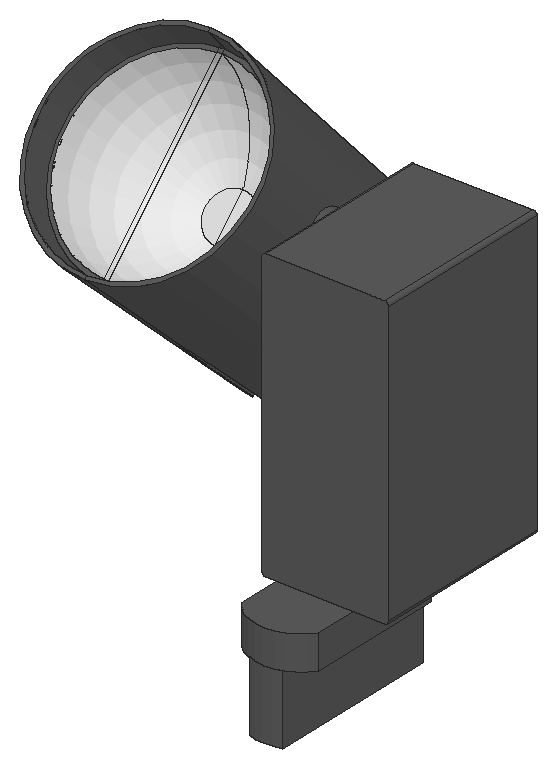
Revit family "0004896 Feilo Sylvania Lighting Fixture START TRACK SPOT S 14W 4K RA90 MB BLACK", category Lighting Fixtures, host Face, Revit 2017
Family settings
  Host = Face
  Round Connector Dimension = Use Diameter
  Part Type = Normal
  OmniClass Number = 23.80.70.00
  OmniClass Title = Lighting
  Cut with Voids When Loaded = No
  Light Source = No
  Shared = No
  Room Calculation Point = No
Parameters (values of type "0004896 START TRACK SPOT S 14W 4K RA90 MB BLACK")
  Weight = "0.94 kg"
  Wattage Comments = ""
  WarrantyStartDate [instance] = "n/a"
  WarrantyGuarantorParts = "n/a"
  WarrantyDurationUnit = "n/a"
  WarrantyDurationParts = "n/a"
  WarrantyDescription = "n/a"
  Voltage = 230 V
  URL = "http://www.sylvania-lighting.com"
  TypeName = "START TRACK SPOT S 14W 4K RA90 MB BLACK"
  TypeHead_FEILO = Start Track Spot Head : 0004896 START TRACK SPOT S 14W 4K RA90 MB BLACK
  TypeBox_FEILO = Start Track Spot Box : Type Small Black
  Type Image = <None>
  Type Comments = "n/a"
  VerticalRotation_FEILO [instance] = 0.00°
  SlideEndAngle_FEILO [instance] = VerticalRotation_FEILO + 180.00°  # 180.00°
  SerialNumber [instance] = "n/a"
  Material_3_FEILO = none
  PowerFactor = 0.92
  PowerConsumption = "14 W"
  NominalLength = 0 mm
  NominalHeight = 200 mm
  NominalDepth = 140 mm
  Name = "START TRACK SPOT S 14W 4K RA90 MB BLACK"
  ModelReference = Name  # "START TRACK SPOT S 14W 4K RA90 MB BLACK"
  ModelNumber = "0004896"
  Model = Name  # "START TRACK SPOT S 14W 4K RA90 MB BLACK"
  Material = "adc12 aluminium housing, polycarbonate diffuser"
  ManufacturerName = "Feilo Sylvania"
  Manufacturer = "Feilo Sylvania"
  LuminousEfficacy = "97 lm/W"
  LuminaireType = ""
  LightOutputRatio = "100"
  LampsType = Lamp  # "LED"
  LampNominalLuminous = "1359 lm"
  LampMacAdamStep = "3"
  LampColourTemperature = "4000 K"
  LampColourRenderingIndex = "90"
  Lamp = "LED"
  Keynote = "16500"
  InstallationDate [instance] = "n/a"
  InputVoltage = "230-240V~"
  InputNominalFrequency = "50/60 Hz"
  IngressProtection = "IP20"
  ImpactProtectionIndex = "IK02"
  IfcExportType = "IfcLightFixtureType"
  IfcExportAs = "IfcLightFixtureType"
  HorizontalRotation_FEILO [instance] = 45.00°
  ExpectedLife = 50000
  ElectricShockClassification = "Class II"
  DurationUnit = "hours"
  DocumentationLiterature = "http://www.sylvania-lighting.com/product/en-int/products/0004896"
  DimmingControlOptions = "Non dimmable"
  Material_2_FEILO = none
  Description = "Integrated LED spotlight, Textured Black - RAL9005, compact and minimalist design, ideal for retail applications, die-cast aluminium body, passive cooling heatsink. Beam angle: 36°, color temperature: 4000K , total system power: 14W, total fixture output: 1359 lm, LOR: 100%, colour rendering: Ra: 90 typical, LED Chromaticity: 3 step MacAdam ellipse, lifetime: >50000 hours at L70B50, energy class: A++, A+, A, IR/UV free light source without heat radiation, operating voltage: 220-240V / 50-60Hz, drive current: 350mA, electronic driver, non-dimmable, power factor: 0.92, electrical protection: Class II, Global Track 3 Phase adapter suitable for Global trac 3-circuit tracks, ingress protection rating: IP20, suitable for internal environment only, horizontal rotation: 355°, vertical tilt: 90°, dimensions: Ø86x140x200, weight: 0.940kg."
  Default Elevation = 1219.2 mm
  CreatedOn = "12/12/2017"
  CreatedBy = ""
  Cost = 0
  built-in parameter 1114216 [instance] = (empty or 0)
  ClassificationValue = "EF_70_80"
  ClassificationName = "Uniclass2015"
  Material_1_FEILO = Body-Sylvania-StartTrackSpot-Black
  BarCode [instance] = "n/a"
  AssetType = "Fixed"
  AssetIdentifier [instance] = "n/a"
  Assembly Code = "D5020200"
  Apparent Load = 14 VA
  Material_4_FEILO = none
Reference planes
  plane 1 "Center (Front/Back)": y = 0
  plane 2: z = 0
  plane 3 "Center (Left/Right)": x = 0
  plane 4: x = 15
  plane 5: x = -15
  plane 6: y = 35
  plane 7: y = -35
  plane 8: z = 13
  plane 9: z = -27
  plane 10: x = 6.5
  plane 11: x = -6.5
  plane 12: y = 27
  plane 13: y = -27
  plane 14: y = 20
Forms (mm)
  Extrusion 1, solid, material "Body-Sylvania-StartTrackSpot-Black" <- "Material_1_FEILO"
    sketch origin (0, 0, 0) x (1, 0, 0) y (0, 1, 0)
      loop
        line (-15, 27) -> (-15, -27)
        arc (-15, -27) -> (0, -35) -> (15, -27) r 18.062
        line (15, -27) -> (15, 27)
        arc (15, 27) -> (0, 35) -> (-15, 27) r 18.062
    from 0 to 13
  Extrusion 2, solid, material "Body-Sylvania-StartTrackSpot-Black" <- "Material_1_FEILO"
    sketch origin (0, 0, 0) x (1, 0, 0) y (0, 1, 0)
      loop
        arc (6.5, 33.79) -> (0, 35) -> (-6.5, 33.79) r 18.062
        line (-6.5, 33.79) -> (-6.5, -33.79)
        arc (-6.5, -33.79) -> (0, -35) -> (6.5, -33.79) r 18.062
        line (6.5, -33.79) -> (6.5, 33.79)
    from 0 to -27
  Revolve 3, solid, not visible
    sketch origin (1524, 20, 1219.2) x (1, 0, 0) y (0, 0, 1)
      loop
        line (-1524, -1206.2) -> (-1524, -1191.285) -> (-1530.5, -1191.285) -> (-1530.5, -1206.2) -> (-1524, -1206.2)
      axis (-1524, -1191.285) -> (-1524, -1206.2)
    angle from 0 <- "VerticalRotation_FEILO" to 180 <- "SlideEndAngle_FEILO"
Cuts and joins
  joined: Extrusion 1, Extrusion 2
Dimensions and locks
  equal spacing: plane 10, plane 3 "Center (Left/Right)", plane 11
  equal spacing: plane 4, plane 3 "Center (Left/Right)", plane 5
  locked: plane 8 to plane 2 at 13
  locked: plane 8 to plane 9 at 40
  equal spacing: plane 13, plane 1 "Center (Front/Back)", plane 12
  locked: plane 12 to plane 6 at 8
  locked: plane 14 to plane 6 at 15
  locked: Revolve 3 sketch curve to plane 8 at 14.915
  aligned and locked: plane 2 to host face
  aligned and locked: level to host face
  aligned and locked: plane 5 to Extrusion 1 sketch curve  (x2)
  aligned and locked: plane 12 to Extrusion 1 sketch curve
  aligned and locked: plane 13 to Extrusion 1 sketch curve
  aligned and locked: plane 4 to Extrusion 1 sketch curve
  aligned and locked: Extrusion 1 to plane 8
  aligned and locked: Extrusion 1 to level
  aligned and locked: Extrusion 2 sketch curve to Extrusion 1  (x2)
  aligned and locked: Extrusion 2 sketch curve to plane 11
  aligned and locked: plane 10 to Extrusion 2 sketch curve
  aligned and locked: plane 9 to Extrusion 2
  aligned and locked: level to Extrusion 2
  aligned and locked: Revolve 3 sketch curve to plane 3 "Center (Left/Right)"  (x2)
  aligned and locked: plane 11 to Revolve 3 sketch curve
  aligned and locked: Revolve 3 sketch curve to plane 8
Automatic sketch dimensions
  host sketch curve to host sketch curve = 2438.4 mm  (x2)
  Extrusion 1 sketch curve to plane 3 "Center (Left/Right)" = 0 mm  (x2)
  Extrusion 1 sketch curve to plane 13 = 10.062 mm
  plane 12 to Extrusion 1 sketch curve = 10.062 mm
  Revolve 3 sketch curve to plane 3 "Center (Left/Right)" = 0 mm
  plane 9 to Revolve 3 sketch curve = 582.6 mm
  Revolve 3 sketch curve to Revolve 3 sketch curve = 2581.144 mm
Nested families
  nested 1: "Start Track Spot Head" at (-62, 20, 112.529) x (0, 0.7071, 0.7071) z (0, 0.7071, -0.7071), type <- "TypeHead_FEILO", type "0004896 START TRACK SPOT S 14W 4K RA90 MB BLACK"
    with built-in parameter 1114216 (empty or 0)
  nested 2: "Start Track Spot Box" at (8.5, 20, 73) x (-1, 0, 0) z (0, -1, 0), BoxStartAngle_FEILO <- "HorizontalRotation_FEILO", type <- "TypeBox_FEILO", type "Type Small Black"
    with BoxStartAngle_FEILO 45.00°, BoxEndAngle_FEILO -135.00°
Connectors
  electrical at (0, 0, 0), driven by "Apparent Load", driven by "PowerFactor", driven by "Voltage"
    settings: index 1, voltage 230 V, apparent load 14 VA, apparent load phase1 0 VA, apparent load phase2 0 VA, apparent load phase3 0 VA, power factor 0.92, load classification "Lighting", number of poles 1, system type 30, power factor state 1, is connector primary yes, connector utility no, sub classification motor no, connector description ""
Definition of nested family "Start Track Spot Head"
  Parameters (values of type "0004811 START TRACK SPOT S 14W 3K RA80 NB WHITE")
    Wattage Comments = "n/a"
    Wattage = 14 W
    built-in parameter 1150110 = 1 (stored number, unit not read)
    URL = "http://www.feilosylvania.com"
    Type Image = (empty or 0)
    Type Comments = "n/a"
    built-in parameter 1114217 = 1 (stored number, unit not read)
    Tilt Angle = -90.00°
    built-in parameter 1150109 = 1 (stored number, unit not read)
    built-in parameter 1150134 = (empty or 0)
    built-in parameter 1150113 = 1 (stored number, unit not read)
    Photometric Web File = "0004811.ies"
    Material_3_FEILO = none
    Model = "START TRACK SPOT S 14W 3K RA80 NB WHITE"
    Manufacturer = "Feilo Sylvania"
    built-in parameter 1150105 = 123.66 (stored number, unit not read)
    Lumens = 1554 lm
    built-in parameter 1150115 = 1 (stored number, unit not read)
    built-in parameter 1150137 = (empty or 0)
    built-in parameter 1150139 = (empty or 0)
    built-in parameter 1150112 = 1 (stored number, unit not read)
    built-in parameter 1150114 = 1 (stored number, unit not read)
    Lamp = "LED"
    Keynote = "16500"
    Material_2_FEILO = none
    built-in parameter 1150132 = (empty or 0)
    built-in parameter 1150102 = (empty or 0)
    built-in parameter 1150107 = 3000 (stored number, unit not read)
    built-in parameter 1150138 = (empty or 0)
    built-in parameter 1150106 = 1.2366 (stored number, unit not read)
    HeadThickness_FEILO = if(HeadDiaOut_FEILO > 112 mm, 2 mm, 1.5 mm)  # 1.5 mm
    HeadRibOffset_FEILO = HeadHeight_FEILO / 28  # 4.179 mm
    HeadRibDepth_FEILO = HeadHeight_FEILO / 2.1  # 55.714 mm
    HeadRibCutWidth_FEILO = HeadDiaOut_FEILO / 12  # 7.167 mm
    HeadRibCutOffset_FEILO = HeadHeight_FEILO / 2.3  # 50.87 mm
    HeadReflectorRadius_FEILO = HeadDiaOut_FEILO / 1.7  # 50.588 mm
    HeadReflectorOffset_FEILO = HeadHeight_FEILO / 2.1  # 55.714 mm
    HeadLEDRadius_FEILO = HeadDiaOut_FEILO / 9  # 9.556 mm
    HeadHeight_FEILO = 117 mm
    HeadDraft_FEILO = 1 mm
    HeadDiffusorThickness_FEILO = 3 mm
    HeadDiffusorOffset_FEILO = HeadHeight_FEILO / 12.4  # 9.435 mm
    HeadDiaOut_FEILO = 86 mm
    HeadDiaIn_FEILO = HeadDiaOut_FEILO / 1.11  # 77.477 mm
    HeadAxisFromTop_FEILO = HeadHeight_FEILO / 1.687  # 69.354 mm
    Emit from Circle Diameter = HeadDiaIn_FEILO  # 77.477 mm
    Emit Shape Visible in Rendering = no
    built-in parameter 1150104 = 10.312 (stored number, unit not read)
    Dimming Lamp Color Temperature Shift = (empty or 0)
    Description = "Integrated LED spotlight, Textured White - RAL9016, compact and minimalist design, ideal for retail applications, die-cast aluminium body, passive cooling heatsink. Beam angle: 12°, color temperature: 3000K , total system power: 14W, total fixture output: 1551 lm, LOR: 100%, colour rendering: Ra: 80 typical, LED Chromaticity: 3 step MacAdam ellipse, lifetime: >50000 hours at L70B50, energy class: A++, A+, A, IR/UV free light source without heat radiation, operating voltage: 220-240V / 50-60Hz, drive current: 350mA, electronic driver, non-dimmable, power factor: 0.92, electrical protection: Class II, Global Track 3 Phase adapter suitable for Global trac 3-circuit tracks, ingress protection rating: IP20, suitable for internal environment only, horizontal rotation: 355°, vertical tilt: 90°, dimensions: Ø86x140x200, weight: 0.940kg."
    Default Elevation = 1219.2 mm
    Cost = 0
    Color Filter = 16777215
    built-in parameter 1114216 [instance] = (empty or 0)
    Material_1_FEILO = none
    built-in parameter 1114218 = 1 (stored number, unit not read)
    built-in parameter 1150133 = 10 (stored number, unit not read)
    Assembly Code = "D5020200"
    Apparent Load = 14 VA
    Material_4_FEILO = none
  Types (96, lengths in mm): name | Wattage | built-in parameter 1150134 | Photometric Web File | Model | built-in parameter 1150105 | Lumens | built-in parameter 1150107 | built-in parameter 1150106 | HeadThickness_FEILO | HeadRibOffset_FEILO | HeadRibDepth_FEILO | HeadRibCutWidth_FEILO | HeadRibCutOffset_FEILO | HeadReflectorRadius_FEILO | HeadReflectorOffset_FEILO | HeadLEDRadius_FEILO | HeadHeight_FEILO | HeadDiffusorOffset_FEILO | HeadDiaOut_FEILO | HeadDiaIn_FEILO | HeadAxisFromTop_FEILO | Emit from Circle Diameter | built-in parameter 1150104 | Description | Apparent Load
    0004906 START TRACK SPOT L 55W 4K RA90 WB BLACK | 55 W | 12 | "0004906.ies" | "START TRACK SPOT L 55W 4K RA90 WB BLACK" | 385.15 (stored number, unit not read) | 4840 lm | 4000 (stored number, unit not read) | 3.8515 (stored number, unit not read) | 2 | 4.429 | 59.048 | 9.417 | 53.913 | 66.471 | 59.048 | 12.556 | 124 | 10 | 113 | 101.802 | 73.503 | 101.802 | 8.1755 (stored number, unit not read) | "Integrated LED spotlight, Textured Black - RAL9005, compact and minimalist design, ideal for retail applications, die-cast aluminium body, passive cooling heatsink. Beam angle: 52°, color temperature: 4000K , total system power: 55W, total fixture output: 4824 lm, LOR: 100%, colour rendering: Ra: 90 typical, LED Chromaticity: 3 step MacAdam ellipse, lifetime: >50000 hours at L70B50, energy class: A++, A+, A, IR/UV free light source without heat radiation, operating voltage: 220-240V / 50-60Hz, drive current: 1400mA, electronic driver, non-dimmable, power factor: 0.96, electrical protection: Class II, Global Track 3 Phase adapter suitable for Global trac 3-circuit tracks, ingress protection rating: IP20, suitable for internal environment only, horizontal rotation: 355°, vertical tilt: 90°, dimensions: Ø113x164x240, weight: 1.398kg." | 55 VA
    0004905 START TRACK SPOT L 55W 4K RA90 MB BLACK | 55 W | 12 | "0004905.ies" | "START TRACK SPOT L 55W 4K RA90 MB BLACK" | 389.53 (stored number, unit not read) | 4895 lm | 4000 (stored number, unit not read) | 3.8953 (stored number, unit not read) | 2 | 4.429 | 59.048 | 9.417 | 53.913 | 66.471 | 59.048 | 12.556 | 124 | 10 | 113 | 101.802 | 73.503 | 101.802 | 8.2684 (stored number, unit not read) | "Integrated LED spotlight, Textured Black - RAL9005, compact and minimalist design, ideal for retail applications, die-cast aluminium body, passive cooling heatsink. Beam angle: 38°, color temperature: 4000K , total system power: 55W, total fixture output: 4897 lm, LOR: 100%, colour rendering: Ra: 90 typical, LED Chromaticity: 3 step MacAdam ellipse, lifetime: >50000 hours at L70B50, energy class: A++, A+, A, IR/UV free light source without heat radiation, operating voltage: 220-240V / 50-60Hz, drive current: 1400mA, electronic driver, non-dimmable, power factor: 0.96, electrical protection: Class II, Global Track 3 Phase adapter suitable for Global trac 3-circuit tracks, ingress protection rating: IP20, suitable for internal environment only, horizontal rotation: 355°, vertical tilt: 90°, dimensions: Ø113x164x240, weight: 1.398kg." | 55 VA
    0004904 START TRACK SPOT L 55W 4K RA90 NB BLACK | 55 W | 12 | "0004904.ies" | "START TRACK SPOT L 55W 4K RA90 NB BLACK" | 393.91 (stored number, unit not read) | 4950 lm | 4000 (stored number, unit not read) | 3.9391 (stored number, unit not read) | 2 | 4.429 | 59.048 | 9.417 | 53.913 | 66.471 | 59.048 | 12.556 | 124 | 10 | 113 | 101.802 | 73.503 | 101.802 | 8.3613 (stored number, unit not read) | "Integrated LED spotlight, Textured Black - RAL9005, compact and minimalist design, ideal for retail applications, die-cast aluminium body, passive cooling heatsink. Beam angle: 15°, color temperature: 4000K , total system power: 55W, total fixture output: 4965 lm, LOR: 100%, colour rendering: Ra: 90 typical, LED Chromaticity: 3 step MacAdam ellipse, lifetime: >50000 hours at L70B50, energy class: A++, A+, A, IR/UV free light source without heat radiation, operating voltage: 220-240V / 50-60Hz, drive current: 1400mA, electronic driver, non-dimmable, power factor: 0.96, electrical protection: Class II, Global Track 3 Phase adapter suitable for Global trac 3-circuit tracks, ingress protection rating: IP20, suitable for internal environment only, horizontal rotation: 355°, vertical tilt: 90°, dimensions: Ø113x164x240, weight: 1.398kg." | 55 VA
    0004903 START TRACK SPOT L 35W 4K RA90 WB BLACK | 35 W | 12 | "0004903.ies" | "START TRACK SPOT L 35W 4K RA90 WB BLACK" | 284.09 (stored number, unit not read) | 3570 lm | 4000 (stored number, unit not read) | 2.8409 (stored number, unit not read) | 2 | 4.429 | 59.048 | 9.417 | 53.913 | 66.471 | 59.048 | 12.556 | 124 | 10 | 113 | 101.802 | 73.503 | 101.802 | 9.4761 (stored number, unit not read) | "Integrated LED spotlight, Textured Black - RAL9005, compact and minimalist design, ideal for retail applications, die-cast aluminium body, passive cooling heatsink. Beam angle: 52°, color temperature: 4000K , total system power: 35W, total fixture output: 3562 lm, LOR: 100%, colour rendering: Ra: 90 typical, LED Chromaticity: 3 step MacAdam ellipse, lifetime: >50000 hours at L70B50, energy class: A++, A+, A, IR/UV free light source without heat radiation, operating voltage: 220-240V / 50-60Hz, drive current: 900mA, electronic driver, non-dimmable, power factor: 0.93, electrical protection: Class II, Global Track 3 Phase adapter suitable for Global trac 3-circuit tracks, ingress protection rating: IP20, suitable for internal environment only, horizontal rotation: 355°, vertical tilt: 90°, dimensions: Ø113x164x240, weight: 1.368kg." | 35 VA
    0004902 START TRACK SPOT L 35W 4K RA90 MB BLACK | 35 W | 12 | "0004902.ies" | "START TRACK SPOT L 35W 4K RA90 MB BLACK" | 286.88 (stored number, unit not read) | 3605 lm | 4000 (stored number, unit not read) | 2.8688 (stored number, unit not read) | 2 | 4.429 | 59.048 | 9.417 | 53.913 | 66.471 | 59.048 | 12.556 | 124 | 10 | 113 | 101.802 | 73.503 | 101.802 | 9.569 (stored number, unit not read) | "Integrated LED spotlight, Textured Black - RAL9005, compact and minimalist design, ideal for retail applications, die-cast aluminium body, passive cooling heatsink. Beam angle: 38°, color temperature: 4000K , total system power: 35W, total fixture output: 3616 lm, LOR: 100%, colour rendering: Ra: 90 typical, LED Chromaticity: 3 step MacAdam ellipse, lifetime: >50000 hours at L70B50, energy class: A++, A+, A, IR/UV free light source without heat radiation, operating voltage: 220-240V / 50-60Hz, drive current: 900mA, electronic driver, non-dimmable, power factor: 0.93, electrical protection: Class II, Global Track 3 Phase adapter suitable for Global trac 3-circuit tracks, ingress protection rating: IP20, suitable for internal environment only, horizontal rotation: 355°, vertical tilt: 90°, dimensions: Ø113x164x240, weight: 1.368kg." | 35 VA
    0004901 START TRACK SPOT L 35W 4K RA90 NB BLACK | 35 W | 12 | "0004901.ies" | "START TRACK SPOT L 35W 4K RA90 NB BLACK" | 286.88 (stored number, unit not read) | 3605 lm | 4000 (stored number, unit not read) | 2.8688 (stored number, unit not read) | 2 | 4.429 | 59.048 | 9.417 | 53.913 | 66.471 | 59.048 | 12.556 | 124 | 10 | 113 | 101.802 | 73.503 | 101.802 | 9.569 (stored number, unit not read) | "Integrated LED spotlight, Textured Black - RAL9005, compact and minimalist design, ideal for retail applications, die-cast aluminium body, passive cooling heatsink. Beam angle: 15°, color temperature: 4000K , total system power: 35W, total fixture output: 3593 lm, LOR: 100%, colour rendering: Ra: 90 typical, LED Chromaticity: 3 step MacAdam ellipse, lifetime: >50000 hours at L70B50, energy class: A++, A+, A, IR/UV free light source without heat radiation, operating voltage: 220-240V / 50-60Hz, drive current: 900mA, electronic driver, non-dimmable, power factor: 0.93, electrical protection: Class II, Global Track 3 Phase adapter suitable for Global trac 3-circuit tracks, ingress protection rating: IP20, suitable for internal environment only, horizontal rotation: 355°, vertical tilt: 90°, dimensions: Ø113x164x240, weight: 1.368kg." | 35 VA
    0004900 START TRACK SPOT S 24W 4K RA90 WB BLACK | 24 W | 12 | "0004900.ies" | "START TRACK SPOT S 24W 4K RA90 WB BLACK" | 166.16 (stored number, unit not read) | 2088 lm | 4000 (stored number, unit not read) | 1.6616 (stored number, unit not read) | 1.5 | 4.179 | 55.714 | 7.167 | 50.87 | 50.588 | 55.714 | 9.556 | 117 | 9.435 | 86 | 77.477 | 69.354 | 77.477 | 8.0826 (stored number, unit not read) | "Integrated LED spotlight, Textured Black - RAL9005, compact and minimalist design, ideal for retail applications, die-cast aluminium body, passive cooling heatsink. Beam angle: 64°, color temperature: 4000K , total system power: 24W, total fixture output: 2087 lm, LOR: 100%, colour rendering: Ra: 90 typical, LED Chromaticity: 3 step MacAdam ellipse, lifetime: >50000 hours at L70B50, energy class: A++, A+, A, IR/UV free light source without heat radiation, operating voltage: 220-240V / 50-60Hz, drive current: 600mA, electronic driver, non-dimmable, power factor: 0.95, electrical protection: Class II, Global Track 3 Phase adapter suitable for Global trac 3-circuit tracks, ingress protection rating: IP20, suitable for internal environment only, horizontal rotation: 355°, vertical tilt: 90°, dimensions: Ø86x140x200, weight: 0.966kg." | 24 VA
    0004899 START TRACK SPOT S 24W 4K RA90 MB BLACK | 24 W | 12 | "0004899.ies" | "START TRACK SPOT S 24W 4K RA90 MB BLACK" | 169.98 (stored number, unit not read) | 2136 lm | 4000 (stored number, unit not read) | 1.6998 (stored number, unit not read) | 1.5 | 4.179 | 55.714 | 7.167 | 50.87 | 50.588 | 55.714 | 9.556 | 117 | 9.435 | 86 | 77.477 | 69.354 | 77.477 | 8.2684 (stored number, unit not read) | "Integrated LED spotlight, Textured Black - RAL9005, compact and minimalist design, ideal for retail applications, die-cast aluminium body, passive cooling heatsink. Beam angle: 36°, color temperature: 4000K , total system power: 24W, total fixture output: 2141 lm, LOR: 100%, colour rendering: Ra: 90 typical, LED Chromaticity: 3 step MacAdam ellipse, lifetime: >50000 hours at L70B50, energy class: A++, A+, A, IR/UV free light source without heat radiation, operating voltage: 220-240V / 50-60Hz, drive current: 600mA, electronic driver, non-dimmable, power factor: 0.95, electrical protection: Class II, Global Track 3 Phase adapter suitable for Global trac 3-circuit tracks, ingress protection rating: IP20, suitable for internal environment only, horizontal rotation: 355°, vertical tilt: 90°, dimensions: Ø86x140x200, weight: 0.966kg." | 24 VA
    0004898 START TRACK SPOT S 24W 4K RA90 NB BLACK | 24 W | 12 | "0004898.ies" | "START TRACK SPOT S 24W 4K RA90 NB BLACK" | 171.89 (stored number, unit not read) | 2160 lm | 4000 (stored number, unit not read) | 1.7189 (stored number, unit not read) | 1.5 | 4.179 | 55.714 | 7.167 | 50.87 | 50.588 | 55.714 | 9.556 | 117 | 9.435 | 86 | 77.477 | 69.354 | 77.477 | 8.3613 (stored number, unit not read) | "Integrated LED spotlight, Textured Black - RAL9005, compact and minimalist design, ideal for retail applications, die-cast aluminium body, passive cooling heatsink. Beam angle: 12°, color temperature: 4000K , total system power: 24W, total fixture output: 2155 lm, LOR: 100%, colour rendering: Ra: 90 typical, LED Chromaticity: 3 step MacAdam ellipse, lifetime: >50000 hours at L70B50, energy class: A++, A+, A, IR/UV free light source without heat radiation, operating voltage: 220-240V / 50-60Hz, drive current: 600mA, electronic driver, non-dimmable, power factor: 0.95, electrical protection: Class II, Global Track 3 Phase adapter suitable for Global trac 3-circuit tracks, ingress protection rating: IP20, suitable for internal environment only, horizontal rotation: 355°, vertical tilt: 90°, dimensions: Ø86x140x200, weight: 0.966kg." | 24 VA
    0004897 START TRACK SPOT S 14W 4K RA90 WB BLACK | 14 W | 12 | "0004897.ies" | "START TRACK SPOT S 14W 4K RA90 WB BLACK" | 108.07 (stored number, unit not read) | 1358 lm | 4000 (stored number, unit not read) | 1.0807 (stored number, unit not read) | 1.5 | 4.179 | 55.714 | 7.167 | 50.87 | 50.588 | 55.714 | 9.556 | 117 | 9.435 | 86 | 77.477 | 69.354 | 77.477 | 9.0116 (stored number, unit not read) | "Integrated LED spotlight, Textured Black - RAL9005, compact and minimalist design, ideal for retail applications, die-cast aluminium body, passive cooling heatsink. Beam angle: 64°, color temperature: 4000K , total system power: 14W, total fixture output: 1352 lm, LOR: 100%, colour rendering: Ra: 90 typical, LED Chromaticity: 3 step MacAdam ellipse, lifetime: >50000 hours at L70B50, energy class: A++, A+, A, IR/UV free light source without heat radiation, operating voltage: 220-240V / 50-60Hz, drive current: 350mA, electronic driver, non-dimmable, power factor: 0.92, electrical protection: Class II, Global Track 3 Phase adapter suitable for Global trac 3-circuit tracks, ingress protection rating: IP20, suitable for internal environment only, horizontal rotation: 355°, vertical tilt: 90°, dimensions: Ø86x140x200, weight: 0.940kg." | 14 VA
    0004896 START TRACK SPOT S 14W 4K RA90 MB BLACK | 14 W | 12 | "0004896.ies" | "START TRACK SPOT S 14W 4K RA90 MB BLACK" | 108.07 (stored number, unit not read) | 1358 lm | 4000 (stored number, unit not read) | 1.0807 (stored number, unit not read) | 1.5 | 4.179 | 55.714 | 7.167 | 50.87 | 50.588 | 55.714 | 9.556 | 117 | 9.435 | 86 | 77.477 | 69.354 | 77.477 | 9.0116 (stored number, unit not read) | "Integrated LED spotlight, Textured Black - RAL9005, compact and minimalist design, ideal for retail applications, die-cast aluminium body, passive cooling heatsink. Beam angle: 36°, color temperature: 4000K , total system power: 14W, total fixture output: 1359 lm, LOR: 100%, colour rendering: Ra: 90 typical, LED Chromaticity: 3 step MacAdam ellipse, lifetime: >50000 hours at L70B50, energy class: A++, A+, A, IR/UV free light source without heat radiation, operating voltage: 220-240V / 50-60Hz, drive current: 350mA, electronic driver, non-dimmable, power factor: 0.92, electrical protection: Class II, Global Track 3 Phase adapter suitable for Global trac 3-circuit tracks, ingress protection rating: IP20, suitable for internal environment only, horizontal rotation: 355°, vertical tilt: 90°, dimensions: Ø86x140x200, weight: 0.940kg." | 14 VA
    0004895 START TRACK SPOT S 14W 4K RA90 NB BLACK | 14 W | 12 | "0004895.ies" | "START TRACK SPOT S 14W 4K RA90 NB BLACK" | 106.95 (stored number, unit not read) | 1344 lm | 4000 (stored number, unit not read) | 1.0695 (stored number, unit not read) | 1.5 | 4.179 | 55.714 | 7.167 | 50.87 | 50.588 | 55.714 | 9.556 | 117 | 9.435 | 86 | 77.477 | 69.354 | 77.477 | 8.9187 (stored number, unit not read) | "Integrated LED spotlight, Textured Black - RAL9005, compact and minimalist design, ideal for retail applications, die-cast aluminium body, passive cooling heatsink. Beam angle: 12°, color temperature: 4000K , total system power: 14W, total fixture output: 1349 lm, LOR: 100%, colour rendering: Ra: 90 typical, LED Chromaticity: 3 step MacAdam ellipse, lifetime: >50000 hours at L70B50, energy class: A++, A+, A, IR/UV free light source without heat radiation, operating voltage: 220-240V / 50-60Hz, drive current: 350mA, electronic driver, non-dimmable, power factor: 0.92, electrical protection: Class II, Global Track 3 Phase adapter suitable for Global trac 3-circuit tracks, ingress protection rating: IP20, suitable for internal environment only, horizontal rotation: 355°, vertical tilt: 90°, dimensions: Ø86x140x200, weight: 0.940kg." | 14 VA
    0004894 START TRACK SPOT L 55W 3K RA90 WB BLACK | 55 W | (empty or 0) | "0004894.ies" | "START TRACK SPOT L 55W 3K RA90 WB BLACK" | 350.14 (stored number, unit not read) | 4400 lm | 3000 (stored number, unit not read) | 3.5014 (stored number, unit not read) | 2 | 4.429 | 59.048 | 9.417 | 53.913 | 66.471 | 59.048 | 12.556 | 124 | 10 | 113 | 101.802 | 73.503 | 101.802 | 7.4322 (stored number, unit not read) | "Integrated LED spotlight, Textured Black - RAL9005, compact and minimalist design, ideal for retail applications, die-cast aluminium body, passive cooling heatsink. Beam angle: 52°, color temperature: 3000K , total system power: 55W, total fixture output: 4405 lm, LOR: 100%, colour rendering: Ra: 90 typical, LED Chromaticity: 3 step MacAdam ellipse, lifetime: >50000 hours at L70B50, energy class: A++, A+, A, IR/UV free light source without heat radiation, operating voltage: 220-240V / 50-60Hz, drive current: 1400mA, electronic driver, non-dimmable, power factor: 0.96, electrical protection: Class II, Global Track 3 Phase adapter suitable for Global trac 3-circuit tracks, ingress protection rating: IP20, suitable for internal environment only, horizontal rotation: 355°, vertical tilt: 90°, dimensions: Ø113x164x240, weight: 1.398kg." | 55 VA
    0004893 START TRACK SPOT L 55W 3K RA90 MB BLACK | 55 W | (empty or 0) | "0004893.ies" | "START TRACK SPOT L 55W 3K RA90 MB BLACK" | 354.52 (stored number, unit not read) | 4455 lm | 3000 (stored number, unit not read) | 3.5452 (stored number, unit not read) | 2 | 4.429 | 59.048 | 9.417 | 53.913 | 66.471 | 59.048 | 12.556 | 124 | 10 | 113 | 101.802 | 73.503 | 101.802 | 7.5251 (stored number, unit not read) | "Integrated LED spotlight, Textured Black - RAL9005, compact and minimalist design, ideal for retail applications, die-cast aluminium body, passive cooling heatsink. Beam angle: 38°, color temperature: 3000K , total system power: 55W, total fixture output: 4448 lm, LOR: 100%, colour rendering: Ra: 90 typical, LED Chromaticity: 3 step MacAdam ellipse, lifetime: >50000 hours at L70B50, energy class: A++, A+, A, IR/UV free light source without heat radiation, operating voltage: 220-240V / 50-60Hz, drive current: 1400mA, electronic driver, non-dimmable, power factor: 0.96, electrical protection: Class II, Global Track 3 Phase adapter suitable for Global trac 3-circuit tracks, ingress protection rating: IP20, suitable for internal environment only, horizontal rotation: 355°, vertical tilt: 90°, dimensions: Ø113x164x240, weight: 1.398kg." | 55 VA
    0004892 START TRACK SPOT L 55W 3K RA90 NB BLACK | 55 W | (empty or 0) | "0004892.ies" | "START TRACK SPOT L 55W 3K RA90 NB BLACK" | 350.14 (stored number, unit not read) | 4400 lm | 3000 (stored number, unit not read) | 3.5014 (stored number, unit not read) | 2 | 4.429 | 59.048 | 9.417 | 53.913 | 66.471 | 59.048 | 12.556 | 124 | 10 | 113 | 101.802 | 73.503 | 101.802 | 7.4322 (stored number, unit not read) | "Integrated LED spotlight, Textured Black - RAL9005, compact and minimalist design, ideal for retail applications, die-cast aluminium body, passive cooling heatsink. Beam angle: 15°, color temperature: 3000K , total system power: 55W, total fixture output: 4416 lm, LOR: 100%, colour rendering: Ra: 90 typical, LED Chromaticity: 3 step MacAdam ellipse, lifetime: >50000 hours at L70B50, energy class: A++, A+, A, IR/UV free light source without heat radiation, operating voltage: 220-240V / 50-60Hz, drive current: 1400mA, electronic driver, non-dimmable, power factor: 0.96, electrical protection: Class II, Global Track 3 Phase adapter suitable for Global trac 3-circuit tracks, ingress protection rating: IP20, suitable for internal environment only, horizontal rotation: 355°, vertical tilt: 90°, dimensions: Ø113x164x240, weight: 1.398kg." | 55 VA
    0004891 START TRACK SPOT L 35W 3K RA90 WB BLACK | 35 W | (empty or 0) | "0004891.ies" | "START TRACK SPOT L 35W 3K RA90 WB BLACK" | 259.02 (stored number, unit not read) | 3255 lm | 3000 (stored number, unit not read) | 2.5902 (stored number, unit not read) | 2 | 4.429 | 59.048 | 9.417 | 53.913 | 66.471 | 59.048 | 12.556 | 124 | 10 | 113 | 101.802 | 73.503 | 101.802 | 8.64 (stored number, unit not read) | "Integrated LED spotlight, Textured Black - RAL9005, compact and minimalist design, ideal for retail applications, die-cast aluminium body, passive cooling heatsink. Beam angle: 52°, color temperature: 3000K , total system power: 35W, total fixture output: 3260 lm, LOR: 100%, colour rendering: Ra: 90 typical, LED Chromaticity: 3 step MacAdam ellipse, lifetime: >50000 hours at L70B50, energy class: A++, A+, A, IR/UV free light source without heat radiation, operating voltage: 220-240V / 50-60Hz, drive current: 900mA, electronic driver, non-dimmable, power factor: 0.93, electrical protection: Class II, Global Track 3 Phase adapter suitable for Global trac 3-circuit tracks, ingress protection rating: IP20, suitable for internal environment only, horizontal rotation: 355°, vertical tilt: 90°, dimensions: Ø113x164x240, weight: 1.368kg." | 35 VA
    0004890 START TRACK SPOT L 35W 3K RA90 MB BLACK | 35 W | (empty or 0) | "0004890.ies" | "START TRACK SPOT L 35W 3K RA90 MB BLACK" | 261.81 (stored number, unit not read) | 3290 lm | 3000 (stored number, unit not read) | 2.6181 (stored number, unit not read) | 2 | 4.429 | 59.048 | 9.417 | 53.913 | 66.471 | 59.048 | 12.556 | 124 | 10 | 113 | 101.802 | 73.503 | 101.802 | 8.7329 (stored number, unit not read) | "Integrated LED spotlight, Textured Black - RAL9005, compact and minimalist design, ideal for retail applications, die-cast aluminium body, passive cooling heatsink. Beam angle: 38°, color temperature: 3000K , total system power: 35W, total fixture output: 3306 lm, LOR: 100%, colour rendering: Ra: 90 typical, LED Chromaticity: 3 step MacAdam ellipse, lifetime: >50000 hours at L70B50, energy class: A++, A+, A, IR/UV free light source without heat radiation, operating voltage: 220-240V / 50-60Hz, drive current: 900mA, electronic driver, non-dimmable, power factor: 0.93, electrical protection: Class II, Global Track 3 Phase adapter suitable for Global trac 3-circuit tracks, ingress protection rating: IP20, suitable for internal environment only, horizontal rotation: 355°, vertical tilt: 90°, dimensions: Ø113x164x240, weight: 1.368kg." | 35 VA
    0004889 START TRACK SPOT L 35W 3K RA90 NB BLACK | 35 W | (empty or 0) | "0004889.ies" | "START TRACK SPOT L 35W 3K RA90 NB BLACK" | 261.81 (stored number, unit not read) | 3290 lm | 3000 (stored number, unit not read) | 2.6181 (stored number, unit not read) | 2 | 4.429 | 59.048 | 9.417 | 53.913 | 66.471 | 59.048 | 12.556 | 124 | 10 | 113 | 101.802 | 73.503 | 101.802 | 8.7329 (stored number, unit not read) | "Integrated LED spotlight, Textured Black - RAL9005, compact and minimalist design, ideal for retail applications, die-cast aluminium body, passive cooling heatsink. Beam angle: 15°, color temperature: 3000K , total system power: 35W, total fixture output: 3287 lm, LOR: 100%, colour rendering: Ra: 90 typical, LED Chromaticity: 3 step MacAdam ellipse, lifetime: >50000 hours at L70B50, energy class: A++, A+, A, IR/UV free light source without heat radiation, operating voltage: 220-240V / 50-60Hz, drive current: 900mA, electronic driver, non-dimmable, power factor: 0.93, electrical protection: Class II, Global Track 3 Phase adapter suitable for Global trac 3-circuit tracks, ingress protection rating: IP20, suitable for internal environment only, horizontal rotation: 355°, vertical tilt: 90°, dimensions: Ø113x164x240, weight: 1.368kg." | 35 VA
    0004888 START TRACK SPOT S 24W 3K RA90 WB BLACK | 24 W | (empty or 0) | "0004888.ies" | "START TRACK SPOT S 24W 3K RA90 WB BLACK" | 152.79 (stored number, unit not read) | 1920 lm | 3000 (stored number, unit not read) | 1.5279 (stored number, unit not read) | 1.5 | 4.179 | 55.714 | 7.167 | 50.87 | 50.588 | 55.714 | 9.556 | 117 | 9.435 | 86 | 77.477 | 69.354 | 77.477 | 7.4322 (stored number, unit not read) | "Integrated LED spotlight, Textured Black - RAL9005, compact and minimalist design, ideal for retail applications, die-cast aluminium body, passive cooling heatsink. Beam angle: 64°, color temperature: 3000K , total system power: 24W, total fixture output: 1928 lm, LOR: 100%, colour rendering: Ra: 90 typical, LED Chromaticity: 3 step MacAdam ellipse, lifetime: >50000 hours at L70B50, energy class: A++, A+, A, IR/UV free light source without heat radiation, operating voltage: 220-240V / 50-60Hz, drive current: 600mA, electronic driver, non-dimmable, power factor: 0.95, electrical protection: Class II, Global Track 3 Phase adapter suitable for Global trac 3-circuit tracks, ingress protection rating: IP20, suitable for internal environment only, horizontal rotation: 355°, vertical tilt: 90°, dimensions: Ø86x140x200, weight: 0.966kg." | 24 VA
    0004887 START TRACK SPOT S 24W 3K RA90 MB BLACK | 24 W | (empty or 0) | "0004887.ies" | "START TRACK SPOT S 24W 3K RA90 MB BLACK" | 154.7 (stored number, unit not read) | 1944 lm | 3000 (stored number, unit not read) | 1.547 (stored number, unit not read) | 1.5 | 4.179 | 55.714 | 7.167 | 50.87 | 50.588 | 55.714 | 9.556 | 117 | 9.435 | 86 | 77.477 | 69.354 | 77.477 | 7.5251 (stored number, unit not read) | "Integrated LED spotlight, Textured Black - RAL9005, compact and minimalist design, ideal for retail applications, die-cast aluminium body, passive cooling heatsink. Beam angle: 36°, color temperature: 3000K , total system power: 24W, total fixture output: 1944 lm, LOR: 100%, colour rendering: Ra: 90 typical, LED Chromaticity: 3 step MacAdam ellipse, lifetime: >50000 hours at L70B50, energy class: A++, A+, A, IR/UV free light source without heat radiation, operating voltage: 220-240V / 50-60Hz, drive current: 600mA, electronic driver, non-dimmable, power factor: 0.95, electrical protection: Class II, Global Track 3 Phase adapter suitable for Global trac 3-circuit tracks, ingress protection rating: IP20, suitable for internal environment only, horizontal rotation: 355°, vertical tilt: 90°, dimensions: Ø86x140x200, weight: 0.966kg." | 24 VA
    0004886 START TRACK SPOT S 24W 3K RA90 NB BLACK | 24 W | (empty or 0) | "0004886.ies" | "START TRACK SPOT S 24W 3K RA90 NB BLACK" | 158.52 (stored number, unit not read) | 1992 lm | 3000 (stored number, unit not read) | 1.5852 (stored number, unit not read) | 1.5 | 4.179 | 55.714 | 7.167 | 50.87 | 50.588 | 55.714 | 9.556 | 117 | 9.435 | 86 | 77.477 | 69.354 | 77.477 | 7.711 (stored number, unit not read) | "Integrated LED spotlight, Textured Black - RAL9005, compact and minimalist design, ideal for retail applications, die-cast aluminium body, passive cooling heatsink. Beam angle: 12°, color temperature: 3000K , total system power: 24W, total fixture output: 1987 lm, LOR: 100%, colour rendering: Ra: 90 typical, LED Chromaticity: 3 step MacAdam ellipse, lifetime: >50000 hours at L70B50, energy class: A++, A+, A, IR/UV free light source without heat radiation, operating voltage: 220-240V / 50-60Hz, drive current: 600mA, electronic driver, non-dimmable, power factor: 0.95, electrical protection: Class II, Global Track 3 Phase adapter suitable for Global trac 3-circuit tracks, ingress protection rating: IP20, suitable for internal environment only, horizontal rotation: 355°, vertical tilt: 90°, dimensions: Ø86x140x200, weight: 0.966kg." | 24 VA
    0004885 START TRACK SPOT S 14W 3K RA90 WB BLACK | 14 W | (empty or 0) | "0004885.ies" | "START TRACK SPOT S 14W 3K RA90 WB BLACK" | 100.27 (stored number, unit not read) | 1260 lm | 3000 (stored number, unit not read) | 1.0027 (stored number, unit not read) | 1.5 | 4.179 | 55.714 | 7.167 | 50.87 | 50.588 | 55.714 | 9.556 | 117 | 9.435 | 86 | 77.477 | 69.354 | 77.477 | 8.3613 (stored number, unit not read) | "Integrated LED spotlight, Textured Black - RAL9005, compact and minimalist design, ideal for retail applications, die-cast aluminium body, passive cooling heatsink. Beam angle: 64°, color temperature: 3000K , total system power: 14W, total fixture output: 1262 lm, LOR: 100%, colour rendering: Ra: 90 typical, LED Chromaticity: 3 step MacAdam ellipse, lifetime: >50000 hours at L70B50, energy class: A++, A+, A, IR/UV free light source without heat radiation, operating voltage: 220-240V / 50-60Hz, drive current: 350mA, electronic driver, non-dimmable, power factor: 0.92, electrical protection: Class II, Global Track 3 Phase adapter suitable for Global trac 3-circuit tracks, ingress protection rating: IP20, suitable for internal environment only, horizontal rotation: 355°, vertical tilt: 90°, dimensions: Ø86x140x200, weight: 0.940kg." | 14 VA
    0004884 START TRACK SPOT S 14W 3K RA90 MB BLACK | 14 W | (empty or 0) | "0004884.ies" | "START TRACK SPOT S 14W 3K RA90 MB BLACK" | 100.27 (stored number, unit not read) | 1260 lm | 3000 (stored number, unit not read) | 1.0027 (stored number, unit not read) | 1.5 | 4.179 | 55.714 | 7.167 | 50.87 | 50.588 | 55.714 | 9.556 | 117 | 9.435 | 86 | 77.477 | 69.354 | 77.477 | 8.3613 (stored number, unit not read) | "Integrated LED spotlight, Textured Black - RAL9005, compact and minimalist design, ideal for retail applications, die-cast aluminium body, passive cooling heatsink. Beam angle: 36°, color temperature: 3000K , total system power: 14W, total fixture output: 1262 lm, LOR: 100%, colour rendering: Ra: 90 typical, LED Chromaticity: 3 step MacAdam ellipse, lifetime: >50000 hours at L70B50, energy class: A++, A+, A, IR/UV free light source without heat radiation, operating voltage: 220-240V / 50-60Hz, drive current: 350mA, electronic driver, non-dimmable, power factor: 0.92, electrical protection: Class II, Global Track 3 Phase adapter suitable for Global trac 3-circuit tracks, ingress protection rating: IP20, suitable for internal environment only, horizontal rotation: 355°, vertical tilt: 90°, dimensions: Ø86x140x200, weight: 0.940kg." | 14 VA
    0004883 START TRACK SPOT S 14W 3K RA90 NB BLACK | 14 W | (empty or 0) | "0004883.ies" | "START TRACK SPOT S 14W 3K RA90 NB BLACK" | 102.5 (stored number, unit not read) | 1288 lm | 3000 (stored number, unit not read) | 1.025 (stored number, unit not read) | 1.5 | 4.179 | 55.714 | 7.167 | 50.87 | 50.588 | 55.714 | 9.556 | 117 | 9.435 | 86 | 77.477 | 69.354 | 77.477 | 8.5471 (stored number, unit not read) | "Integrated LED spotlight, Textured Black - RAL9005, compact and minimalist design, ideal for retail applications, die-cast aluminium body, passive cooling heatsink. Beam angle: 12°, color temperature: 3000K , total system power: 14W, total fixture output: 1284 lm, LOR: 100%, colour rendering: Ra: 90 typical, LED Chromaticity: 3 step MacAdam ellipse, lifetime: >50000 hours at L70B50, energy class: A++, A+, A, IR/UV free light source without heat radiation, operating voltage: 220-240V / 50-60Hz, drive current: 350mA, electronic driver, non-dimmable, power factor: 0.92, electrical protection: Class II, Global Track 3 Phase adapter suitable for Global trac 3-circuit tracks, ingress protection rating: IP20, suitable for internal environment only, horizontal rotation: 355°, vertical tilt: 90°, dimensions: Ø86x140x200, weight: 0.940kg." | 14 VA
    0004882 START TRACK SPOT L 55W 4K RA90 WB WHITE | 55 W | 12 | "0004882.ies" | "START TRACK SPOT L 55W 4K RA90 WB WHITE" | 385.15 (stored number, unit not read) | 4840 lm | 4000 (stored number, unit not read) | 3.8515 (stored number, unit not read) | 2 | 4.429 | 59.048 | 9.417 | 53.913 | 66.471 | 59.048 | 12.556 | 124 | 10 | 113 | 101.802 | 73.503 | 101.802 | 8.1755 (stored number, unit not read) | "Integrated LED spotlight, Textured White - RAL9016, compact and minimalist design, ideal for retail applications, die-cast aluminium body, passive cooling heatsink. Beam angle: 52°, color temperature: 4000K , total system power: 55W, total fixture output: 4824 lm, LOR: 100%, colour rendering: Ra: 90 typical, LED Chromaticity: 3 step MacAdam ellipse, lifetime: >50000 hours at L70B50, energy class: A++, A+, A, IR/UV free light source without heat radiation, operating voltage: 220-240V / 50-60Hz, drive current: 1400mA, electronic driver, non-dimmable, power factor: 0.96, electrical protection: Class II, Global Track 3 Phase adapter suitable for Global trac 3-circuit tracks, ingress protection rating: IP20, suitable for internal environment only, horizontal rotation: 355°, vertical tilt: 90°, dimensions: Ø113x164x240, weight: 1.398kg." | 55 VA
    0004881 START TRACK SPOT L 55W 4K RA90 MB WHITE | 55 W | 12 | "0004881.ies" | "START TRACK SPOT L 55W 4K RA90 MB WHITE" | 389.53 (stored number, unit not read) | 4895 lm | 4000 (stored number, unit not read) | 3.8953 (stored number, unit not read) | 2 | 4.429 | 59.048 | 9.417 | 53.913 | 66.471 | 59.048 | 12.556 | 124 | 10 | 113 | 101.802 | 73.503 | 101.802 | 8.2684 (stored number, unit not read) | "Integrated LED spotlight, Textured White - RAL9016, compact and minimalist design, ideal for retail applications, die-cast aluminium body, passive cooling heatsink. Beam angle: 38°, color temperature: 4000K , total system power: 55W, total fixture output: 4897 lm, LOR: 100%, colour rendering: Ra: 90 typical, LED Chromaticity: 3 step MacAdam ellipse, lifetime: >50000 hours at L70B50, energy class: A++, A+, A, IR/UV free light source without heat radiation, operating voltage: 220-240V / 50-60Hz, drive current: 1400mA, electronic driver, non-dimmable, power factor: 0.96, electrical protection: Class II, Global Track 3 Phase adapter suitable for Global trac 3-circuit tracks, ingress protection rating: IP20, suitable for internal environment only, horizontal rotation: 355°, vertical tilt: 90°, dimensions: Ø113x164x240, weight: 1.398kg." | 55 VA
    0004880 START TRACK SPOT L 55W 4K RA90 NB WHITE | 55 W | 12 | "0004880.ies" | "START TRACK SPOT L 55W 4K RA90 NB WHITE" | 393.91 (stored number, unit not read) | 4950 lm | 4000 (stored number, unit not read) | 3.9391 (stored number, unit not read) | 2 | 4.429 | 59.048 | 9.417 | 53.913 | 66.471 | 59.048 | 12.556 | 124 | 10 | 113 | 101.802 | 73.503 | 101.802 | 8.3613 (stored number, unit not read) | "Integrated LED spotlight, Textured White - RAL9016, compact and minimalist design, ideal for retail applications, die-cast aluminium body, passive cooling heatsink. Beam angle: 15°, color temperature: 4000K , total system power: 55W, total fixture output: 4965 lm, LOR: 100%, colour rendering: Ra: 90 typical, LED Chromaticity: 3 step MacAdam ellipse, lifetime: >50000 hours at L70B50, energy class: A++, A+, A, IR/UV free light source without heat radiation, operating voltage: 220-240V / 50-60Hz, drive current: 1400mA, electronic driver, non-dimmable, power factor: 0.96, electrical protection: Class II, Global Track 3 Phase adapter suitable for Global trac 3-circuit tracks, ingress protection rating: IP20, suitable for internal environment only, horizontal rotation: 355°, vertical tilt: 90°, dimensions: Ø113x164x240, weight: 1.398kg." | 55 VA
    0004879 START TRACK SPOT L 35W 4K RA90 WB WHITE | 35 W | 12 | "0004879.ies" | "START TRACK SPOT L 35W 4K RA90 WB WHITE" | 284.09 (stored number, unit not read) | 3570 lm | 4000 (stored number, unit not read) | 2.8409 (stored number, unit not read) | 2 | 4.429 | 59.048 | 9.417 | 53.913 | 66.471 | 59.048 | 12.556 | 124 | 10 | 113 | 101.802 | 73.503 | 101.802 | 9.4761 (stored number, unit not read) | "Integrated LED spotlight, Textured White - RAL9016, compact and minimalist design, ideal for retail applications, die-cast aluminium body, passive cooling heatsink. Beam angle: 52°, color temperature: 4000K , total system power: 35W, total fixture output: 3562 lm, LOR: 100%, colour rendering: Ra: 90 typical, LED Chromaticity: 3 step MacAdam ellipse, lifetime: >50000 hours at L70B50, energy class: A++, A+, A, IR/UV free light source without heat radiation, operating voltage: 220-240V / 50-60Hz, drive current: 900mA, electronic driver, non-dimmable, power factor: 0.93, electrical protection: Class II, Global Track 3 Phase adapter suitable for Global trac 3-circuit tracks, ingress protection rating: IP20, suitable for internal environment only, horizontal rotation: 355°, vertical tilt: 90°, dimensions: Ø113x164x240, weight: 1.368kg." | 35 VA
    0004878 START TRACK SPOT L 35W 4K RA90 MB WHITE | 35 W | 12 | "0004878.ies" | "START TRACK SPOT L 35W 4K RA90 MB WHITE" | 286.88 (stored number, unit not read) | 3605 lm | 4000 (stored number, unit not read) | 2.8688 (stored number, unit not read) | 2 | 4.429 | 59.048 | 9.417 | 53.913 | 66.471 | 59.048 | 12.556 | 124 | 10 | 113 | 101.802 | 73.503 | 101.802 | 9.569 (stored number, unit not read) | "Integrated LED spotlight, Textured White - RAL9016, compact and minimalist design, ideal for retail applications, die-cast aluminium body, passive cooling heatsink. Beam angle: 38°, color temperature: 4000K , total system power: 35W, total fixture output: 3616 lm, LOR: 100%, colour rendering: Ra: 90 typical, LED Chromaticity: 3 step MacAdam ellipse, lifetime: >50000 hours at L70B50, energy class: A++, A+, A, IR/UV free light source without heat radiation, operating voltage: 220-240V / 50-60Hz, drive current: 900mA, electronic driver, non-dimmable, power factor: 0.93, electrical protection: Class II, Global Track 3 Phase adapter suitable for Global trac 3-circuit tracks, ingress protection rating: IP20, suitable for internal environment only, horizontal rotation: 355°, vertical tilt: 90°, dimensions: Ø113x164x240, weight: 1.368kg." | 35 VA
    0004877 START TRACK SPOT L 35W 4K RA90 NB WHITE | 35 W | 12 | "0004877.ies" | "START TRACK SPOT L 35W 4K RA90 NB WHITE" | 286.88 (stored number, unit not read) | 3605 lm | 4000 (stored number, unit not read) | 2.8688 (stored number, unit not read) | 2 | 4.429 | 59.048 | 9.417 | 53.913 | 66.471 | 59.048 | 12.556 | 124 | 10 | 113 | 101.802 | 73.503 | 101.802 | 9.569 (stored number, unit not read) | "Integrated LED spotlight, Textured White - RAL9016, compact and minimalist design, ideal for retail applications, die-cast aluminium body, passive cooling heatsink. Beam angle: 15°, color temperature: 4000K , total system power: 35W, total fixture output: 3593 lm, LOR: 100%, colour rendering: Ra: 90 typical, LED Chromaticity: 3 step MacAdam ellipse, lifetime: >50000 hours at L70B50, energy class: A++, A+, A, IR/UV free light source without heat radiation, operating voltage: 220-240V / 50-60Hz, drive current: 900mA, electronic driver, non-dimmable, power factor: 0.93, electrical protection: Class II, Global Track 3 Phase adapter suitable for Global trac 3-circuit tracks, ingress protection rating: IP20, suitable for internal environment only, horizontal rotation: 355°, vertical tilt: 90°, dimensions: Ø113x164x240, weight: 1.368kg." | 35 VA
    0004876 START TRACK SPOT S 24W 4K RA90 WB WHITE | 24 W | 12 | "0004876.ies" | "START TRACK SPOT S 24W 4K RA90 WB WHITE" | 166.16 (stored number, unit not read) | 2088 lm | 4000 (stored number, unit not read) | 1.6616 (stored number, unit not read) | 1.5 | 4.179 | 55.714 | 7.167 | 50.87 | 50.588 | 55.714 | 9.556 | 117 | 9.435 | 86 | 77.477 | 69.354 | 77.477 | 8.0826 (stored number, unit not read) | "Integrated LED spotlight, Textured White - RAL9016, compact and minimalist design, ideal for retail applications, die-cast aluminium body, passive cooling heatsink. Beam angle: 64°, color temperature: 4000K , total system power: 24W, total fixture output: 2087 lm, LOR: 100%, colour rendering: Ra: 90 typical, LED Chromaticity: 3 step MacAdam ellipse, lifetime: >50000 hours at L70B50, energy class: A++, A+, A, IR/UV free light source without heat radiation, operating voltage: 220-240V / 50-60Hz, drive current: 600mA, electronic driver, non-dimmable, power factor: 0.95, electrical protection: Class II, Global Track 3 Phase adapter suitable for Global trac 3-circuit tracks, ingress protection rating: IP20, suitable for internal environment only, horizontal rotation: 355°, vertical tilt: 90°, dimensions: Ø86x140x200, weight: 0.966kg." | 24 VA
    0004875 START TRACK SPOT S 24W 4K RA90 MB WHITE | 24 W | 12 | "0004875.ies" | "START TRACK SPOT S 24W 4K RA90 MB WHITE" | 169.98 (stored number, unit not read) | 2136 lm | 4000 (stored number, unit not read) | 1.6998 (stored number, unit not read) | 1.5 | 4.179 | 55.714 | 7.167 | 50.87 | 50.588 | 55.714 | 9.556 | 117 | 9.435 | 86 | 77.477 | 69.354 | 77.477 | 8.2684 (stored number, unit not read) | "Integrated LED spotlight, Textured White - RAL9016, compact and minimalist design, ideal for retail applications, die-cast aluminium body, passive cooling heatsink. Beam angle: 36°, color temperature: 4000K , total system power: 24W, total fixture output: 2141 lm, LOR: 100%, colour rendering: Ra: 90 typical, LED Chromaticity: 3 step MacAdam ellipse, lifetime: >50000 hours at L70B50, energy class: A++, A+, A, IR/UV free light source without heat radiation, operating voltage: 220-240V / 50-60Hz, drive current: 600mA, electronic driver, non-dimmable, power factor: 0.95, electrical protection: Class II, Global Track 3 Phase adapter suitable for Global trac 3-circuit tracks, ingress protection rating: IP20, suitable for internal environment only, horizontal rotation: 355°, vertical tilt: 90°, dimensions: Ø86x140x200, weight: 0.966kg." | 24 VA
    0004874 START TRACK SPOT S 24W 4K RA90 NB WHITE | 24 W | 12 | "0004874.ies" | "START TRACK SPOT S 24W 4K RA90 NB WHITE" | 171.89 (stored number, unit not read) | 2160 lm | 4000 (stored number, unit not read) | 1.7189 (stored number, unit not read) | 1.5 | 4.179 | 55.714 | 7.167 | 50.87 | 50.588 | 55.714 | 9.556 | 117 | 9.435 | 86 | 77.477 | 69.354 | 77.477 | 8.3613 (stored number, unit not read) | "Integrated LED spotlight, Textured White - RAL9016, compact and minimalist design, ideal for retail applications, die-cast aluminium body, passive cooling heatsink. Beam angle: 12°, color temperature: 4000K , total system power: 24W, total fixture output: 2155 lm, LOR: 100%, colour rendering: Ra: 90 typical, LED Chromaticity: 3 step MacAdam ellipse, lifetime: >50000 hours at L70B50, energy class: A++, A+, A, IR/UV free light source without heat radiation, operating voltage: 220-240V / 50-60Hz, drive current: 600mA, electronic driver, non-dimmable, power factor: 0.95, electrical protection: Class II, Global Track 3 Phase adapter suitable for Global trac 3-circuit tracks, ingress protection rating: IP20, suitable for internal environment only, horizontal rotation: 355°, vertical tilt: 90°, dimensions: Ø86x140x200, weight: 0.966kg." | 24 VA
    0004873 START TRACK SPOT S 14W 4K RA90 WB WHITE | 14 W | 12 | "0004873.ies" | "START TRACK SPOT S 14W 4K RA90 WB WHITE" | 108.07 (stored number, unit not read) | 1358 lm | 4000 (stored number, unit not read) | 1.0807 (stored number, unit not read) | 1.5 | 4.179 | 55.714 | 7.167 | 50.87 | 50.588 | 55.714 | 9.556 | 117 | 9.435 | 86 | 77.477 | 69.354 | 77.477 | 9.0116 (stored number, unit not read) | "Integrated LED spotlight, Textured White - RAL9016, compact and minimalist design, ideal for retail applications, die-cast aluminium body, passive cooling heatsink. Beam angle: 64°, color temperature: 4000K , total system power: 14W, total fixture output: 1352 lm, LOR: 100%, colour rendering: Ra: 90 typical, LED Chromaticity: 3 step MacAdam ellipse, lifetime: >50000 hours at L70B50, energy class: A++, A+, A, IR/UV free light source without heat radiation, operating voltage: 220-240V / 50-60Hz, drive current: 350mA, electronic driver, non-dimmable, power factor: 0.92, electrical protection: Class II, Global Track 3 Phase adapter suitable for Global trac 3-circuit tracks, ingress protection rating: IP20, suitable for internal environment only, horizontal rotation: 355°, vertical tilt: 90°, dimensions: Ø86x140x200, weight: 0.940kg." | 14 VA
    0004872 START TRACK SPOT S 14W 4K RA90 MB WHITE | 14 W | 12 | "0004872.ies" | "START TRACK SPOT S 14W 4K RA90 MB WHITE" | 108.07 (stored number, unit not read) | 1358 lm | 4000 (stored number, unit not read) | 1.0807 (stored number, unit not read) | 1.5 | 4.179 | 55.714 | 7.167 | 50.87 | 50.588 | 55.714 | 9.556 | 117 | 9.435 | 86 | 77.477 | 69.354 | 77.477 | 9.0116 (stored number, unit not read) | "Integrated LED spotlight, Textured White - RAL9016, compact and minimalist design, ideal for retail applications, die-cast aluminium body, passive cooling heatsink. Beam angle: 36°, color temperature: 4000K , total system power: 14W, total fixture output: 1359 lm, LOR: 100%, colour rendering: Ra: 90 typical, LED Chromaticity: 3 step MacAdam ellipse, lifetime: >50000 hours at L70B50, energy class: A++, A+, A, IR/UV free light source without heat radiation, operating voltage: 220-240V / 50-60Hz, drive current: 350mA, electronic driver, non-dimmable, power factor: 0.92, electrical protection: Class II, Global Track 3 Phase adapter suitable for Global trac 3-circuit tracks, ingress protection rating: IP20, suitable for internal environment only, horizontal rotation: 355°, vertical tilt: 90°, dimensions: Ø86x140x200, weight: 0.940kg." | 14 VA
    0004871 START TRACK SPOT S 14W 4K RA90 NB WHITE | 14 W | 12 | "0004871.ies" | "START TRACK SPOT S 14W 4K RA90 NB WHITE" | 106.95 (stored number, unit not read) | 1344 lm | 4000 (stored number, unit not read) | 1.0695 (stored number, unit not read) | 1.5 | 4.179 | 55.714 | 7.167 | 50.87 | 50.588 | 55.714 | 9.556 | 117 | 9.435 | 86 | 77.477 | 69.354 | 77.477 | 8.9187 (stored number, unit not read) | "Integrated LED spotlight, Textured White - RAL9016, compact and minimalist design, ideal for retail applications, die-cast aluminium body, passive cooling heatsink. Beam angle: 12°, color temperature: 4000K , total system power: 14W, total fixture output: 1349 lm, LOR: 100%, colour rendering: Ra: 90 typical, LED Chromaticity: 3 step MacAdam ellipse, lifetime: >50000 hours at L70B50, energy class: A++, A+, A, IR/UV free light source without heat radiation, operating voltage: 220-240V / 50-60Hz, drive current: 350mA, electronic driver, non-dimmable, power factor: 0.92, electrical protection: Class II, Global Track 3 Phase adapter suitable for Global trac 3-circuit tracks, ingress protection rating: IP20, suitable for internal environment only, horizontal rotation: 355°, vertical tilt: 90°, dimensions: Ø86x140x200, weight: 0.940kg." | 14 VA
    0004870 START TRACK SPOT L 55W 3K RA90 WB WHITE | 55 W | (empty or 0) | "0004870.ies" | "START TRACK SPOT L 55W 3K RA90 WB WHITE" | 350.14 (stored number, unit not read) | 4400 lm | 3000 (stored number, unit not read) | 3.5014 (stored number, unit not read) | 2 | 4.429 | 59.048 | 9.417 | 53.913 | 66.471 | 59.048 | 12.556 | 124 | 10 | 113 | 101.802 | 73.503 | 101.802 | 7.4322 (stored number, unit not read) | "Integrated LED spotlight, Textured White - RAL9016, compact and minimalist design, ideal for retail applications, die-cast aluminium body, passive cooling heatsink. Beam angle: 52°, color temperature: 3000K , total system power: 55W, total fixture output: 4405 lm, LOR: 100%, colour rendering: Ra: 90 typical, LED Chromaticity: 3 step MacAdam ellipse, lifetime: >50000 hours at L70B50, energy class: A++, A+, A, IR/UV free light source without heat radiation, operating voltage: 220-240V / 50-60Hz, drive current: 1400mA, electronic driver, non-dimmable, power factor: 0.96, electrical protection: Class II, Global Track 3 Phase adapter suitable for Global trac 3-circuit tracks, ingress protection rating: IP20, suitable for internal environment only, horizontal rotation: 355°, vertical tilt: 90°, dimensions: Ø113x164x240, weight: 1.398kg." | 55 VA
    0004869 START TRACK SPOT L 55W 3K RA90 MB WHITE | 55 W | (empty or 0) | "0004869.ies" | "START TRACK SPOT L 55W 3K RA90 MB WHITE" | 354.52 (stored number, unit not read) | 4455 lm | 3000 (stored number, unit not read) | 3.5452 (stored number, unit not read) | 2 | 4.429 | 59.048 | 9.417 | 53.913 | 66.471 | 59.048 | 12.556 | 124 | 10 | 113 | 101.802 | 73.503 | 101.802 | 7.5251 (stored number, unit not read) | "Integrated LED spotlight, Textured White - RAL9016, compact and minimalist design, ideal for retail applications, die-cast aluminium body, passive cooling heatsink. Beam angle: 38°, color temperature: 3000K , total system power: 55W, total fixture output: 4448 lm, LOR: 100%, colour rendering: Ra: 90 typical, LED Chromaticity: 3 step MacAdam ellipse, lifetime: >50000 hours at L70B50, energy class: A++, A+, A, IR/UV free light source without heat radiation, operating voltage: 220-240V / 50-60Hz, drive current: 1400mA, electronic driver, non-dimmable, power factor: 0.96, electrical protection: Class II, Global Track 3 Phase adapter suitable for Global trac 3-circuit tracks, ingress protection rating: IP20, suitable for internal environment only, horizontal rotation: 355°, vertical tilt: 90°, dimensions: Ø113x164x240, weight: 1.398kg." | 55 VA
    0004868 START TRACK SPOT L 55W 3K RA90 NB WHITE | 55 W | (empty or 0) | "0004868.ies" | "START TRACK SPOT L 55W 3K RA90 NB WHITE" | 350.14 (stored number, unit not read) | 4400 lm | 3000 (stored number, unit not read) | 3.5014 (stored number, unit not read) | 2 | 4.429 | 59.048 | 9.417 | 53.913 | 66.471 | 59.048 | 12.556 | 124 | 10 | 113 | 101.802 | 73.503 | 101.802 | 7.4322 (stored number, unit not read) | "Integrated LED spotlight, Textured White - RAL9016, compact and minimalist design, ideal for retail applications, die-cast aluminium body, passive cooling heatsink. Beam angle: 15°, color temperature: 3000K , total system power: 55W, total fixture output: 4416 lm, LOR: 100%, colour rendering: Ra: 90 typical, LED Chromaticity: 3 step MacAdam ellipse, lifetime: >50000 hours at L70B50, energy class: A++, A+, A, IR/UV free light source without heat radiation, operating voltage: 220-240V / 50-60Hz, drive current: 1400mA, electronic driver, non-dimmable, power factor: 0.96, electrical protection: Class II, Global Track 3 Phase adapter suitable for Global trac 3-circuit tracks, ingress protection rating: IP20, suitable for internal environment only, horizontal rotation: 355°, vertical tilt: 90°, dimensions: Ø113x164x240, weight: 1.398kg." | 55 VA
    0004867 START TRACK SPOT L 35W 3K RA90 WB WHITE | 35 W | (empty or 0) | "0004867.ies" | "START TRACK SPOT L 35W 3K RA90 WB WHITE" | 259.02 (stored number, unit not read) | 3255 lm | 3000 (stored number, unit not read) | 2.5902 (stored number, unit not read) | 2 | 4.429 | 59.048 | 9.417 | 53.913 | 66.471 | 59.048 | 12.556 | 124 | 10 | 113 | 101.802 | 73.503 | 101.802 | 8.64 (stored number, unit not read) | "Integrated LED spotlight, Textured White - RAL9016, compact and minimalist design, ideal for retail applications, die-cast aluminium body, passive cooling heatsink. Beam angle: 52°, color temperature: 3000K , total system power: 35W, total fixture output: 3260 lm, LOR: 100%, colour rendering: Ra: 90 typical, LED Chromaticity: 3 step MacAdam ellipse, lifetime: >50000 hours at L70B50, energy class: A++, A+, A, IR/UV free light source without heat radiation, operating voltage: 220-240V / 50-60Hz, drive current: 900mA, electronic driver, non-dimmable, power factor: 0.93, electrical protection: Class II, Global Track 3 Phase adapter suitable for Global trac 3-circuit tracks, ingress protection rating: IP20, suitable for internal environment only, horizontal rotation: 355°, vertical tilt: 90°, dimensions: Ø113x164x240, weight: 1.368kg." | 35 VA
    0004866 START TRACK SPOT L 35W 3K RA90 MB WHITE | 35 W | (empty or 0) | "0004866.ies" | "START TRACK SPOT L 35W 3K RA90 MB WHITE" | 261.81 (stored number, unit not read) | 3290 lm | 3000 (stored number, unit not read) | 2.6181 (stored number, unit not read) | 2 | 4.429 | 59.048 | 9.417 | 53.913 | 66.471 | 59.048 | 12.556 | 124 | 10 | 113 | 101.802 | 73.503 | 101.802 | 8.7329 (stored number, unit not read) | "Integrated LED spotlight, Textured White - RAL9016, compact and minimalist design, ideal for retail applications, die-cast aluminium body, passive cooling heatsink. Beam angle: 38°, color temperature: 3000K , total system power: 35W, total fixture output: 3306 lm, LOR: 100%, colour rendering: Ra: 90 typical, LED Chromaticity: 3 step MacAdam ellipse, lifetime: >50000 hours at L70B50, energy class: A++, A+, A, IR/UV free light source without heat radiation, operating voltage: 220-240V / 50-60Hz, drive current: 900mA, electronic driver, non-dimmable, power factor: 0.93, electrical protection: Class II, Global Track 3 Phase adapter suitable for Global trac 3-circuit tracks, ingress protection rating: IP20, suitable for internal environment only, horizontal rotation: 355°, vertical tilt: 90°, dimensions: Ø113x164x240, weight: 1.368kg." | 35 VA
    0004865 START TRACK SPOT L 35W 3K RA90 NB WHITE | 35 W | (empty or 0) | "0004865.ies" | "START TRACK SPOT L 35W 3K RA90 NB WHITE" | 261.81 (stored number, unit not read) | 3290 lm | 3000 (stored number, unit not read) | 2.6181 (stored number, unit not read) | 2 | 4.429 | 59.048 | 9.417 | 53.913 | 66.471 | 59.048 | 12.556 | 124 | 10 | 113 | 101.802 | 73.503 | 101.802 | 8.7329 (stored number, unit not read) | "Integrated LED spotlight, Textured White - RAL9016, compact and minimalist design, ideal for retail applications, die-cast aluminium body, passive cooling heatsink. Beam angle: 15°, color temperature: 3000K , total system power: 35W, total fixture output: 3287 lm, LOR: 100%, colour rendering: Ra: 90 typical, LED Chromaticity: 3 step MacAdam ellipse, lifetime: >50000 hours at L70B50, energy class: A++, A+, A, IR/UV free light source without heat radiation, operating voltage: 220-240V / 50-60Hz, drive current: 900mA, electronic driver, non-dimmable, power factor: 0.93, electrical protection: Class II, Global Track 3 Phase adapter suitable for Global trac 3-circuit tracks, ingress protection rating: IP20, suitable for internal environment only, horizontal rotation: 355°, vertical tilt: 90°, dimensions: Ø113x164x240, weight: 1.368kg." | 35 VA
